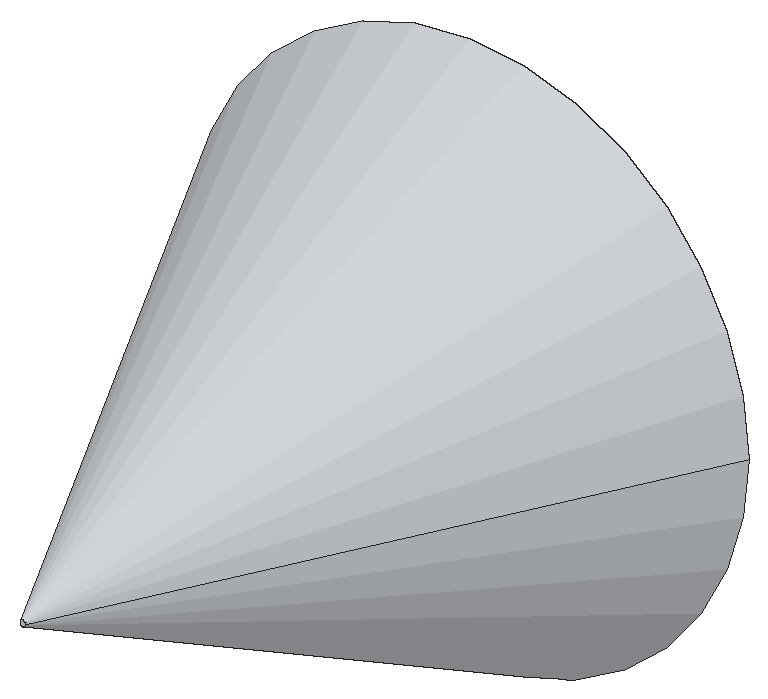
Revit family "Routing Connector Out Point", category Generic Models, Revit 2022
Family settings
  Can host rebar = No
  Round Connector Dimension = Use Diameter
  Part Type = Normal
  Work Plane-Based = No
  Always vertical = Yes
  Cut with Voids When Loaded = No
  Maintain Annotation Orientation = No
  Shared = No
  Room Calculation Point = No
Parameters
  直径2 = 1 mm
  直径 [instance] = 100 mm
  Default Elevation = 0 mm
Reference planes
  plane 1 "中心(正面/背面)": y = 0
  plane 2: z = 0
  plane 3 "中心(左/右)": x = 0
Forms (mm)
  Blend 1, solid
    base sketch origin (0, 0, 0) x (1, 0, 0) y (0, 0, 1)
      loop
        circle (0, 0) r 50
    top sketch origin (0, 0, 0) x (1, 0, 0) y (0, 0, 1)
      loop
        circle (0, 0) r 0.5
    from 0 to 100
Dimensions and locks
  "直径": diameter of Blend 1 sketch curve
  "直径2": diameter of Blend 1 sketch curve
  aligned and locked: level to plane 2
Automatic sketch dimensions
  Blend 1 sketch curve to level = 0 mm  (x2)
  Blend 1 sketch curve to plane 3 "中心(左/右)" = 0 mm  (x2)
